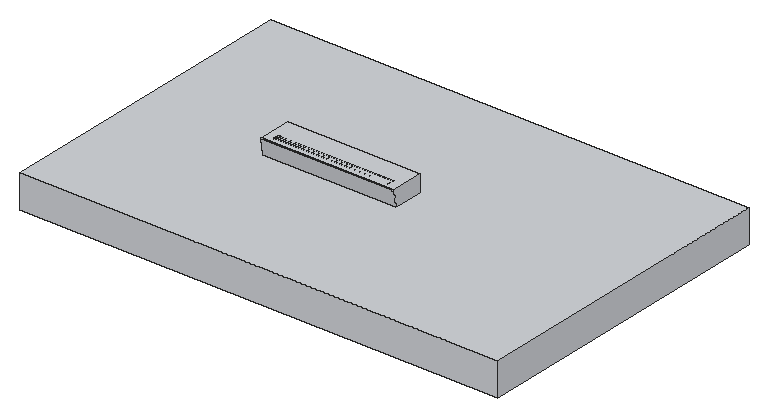
Revit family
Parameters
  Width = 1' - 0"
  URL = "www.coldspringgranite.com"
  TypicalJointSize = 0' - 0 1/4"
  StopCarborundumRight = 0' - 3"
  StopCarborundumLeft = 0' - 3"
  StoneMaterial = none
  SettingSpace = AirGap + Height  # 0' - 7 1/8"
  RightCarborundumVisibilityOn = not(RightCarborundumVisibilityOff)  # no
  RightCarborundumVisibilityOff = StopCarborundumRight > 0' 0"  # yes
  Product Name = "Stair Tread Stone for Cubic Application - Splayed Front Edge with Three Carborundum Strips"
  Product Documentation Link = "http://www.coldspringgranite.com/BIM_Families/Family_Detail/Stair_Tread_Stone_for_Cubic_Application_–_Splayed_Front_Edge_with_Three_Carborundum_Strips/"
  PhoneNumber = "800-551-7502"
  Notes = ""
  NosingRadius = 0' - 0 1/4"
  Model = "N/A"
  Manufacturer = "Cold Spring Granite Company"
  Low Emitting Material = yes
  Low Emitting Finish = yes
  Location = "17482 Granite West Road, Cold Spring, MN 56320-4578"
  Length = 4' - 0"
  LeftCarborundumVisibilityOff = StopCarborundumLeft > 0' 0"  # yes
  LEED Credit = ""
  Keynote = "096340"
  JointRightOff = no
  JointRight = if(JointRightOff, 0' 0", TypicalJointSize / 2)  # 0' - 0 1/8"
  JointLeftOff = no
  JointLeft = if(JointLeftOff, 0' 0", TypicalJointSize / 2)  # 0' - 0 1/8"
  Height = 0' - 6 1/8"
  HeadSize = 0' - 6"
  Description = "Stone Stair Tread Cubic Splayed Triple Carborundum"
  Default Elevation = 0' - 0"
  CarborundumWidth = 0' - 0 3/8"
  LeftCarborundumVisibilityOn = not(LeftCarborundumVisibilityOff)  # no
  CarborundumSpacing = 0' - 0 1/2"
  CarborundumSetBack = 0' - 2"
  CarborundumDepth = 0' - 0 1/4"
  BackJointWidth = 0' - 3"
  Assembly Code = "C2010100"
  AngledHeadDepth = 0' - 1"
  AirGap = 0' - 1"
  ADA Compliant = yes
Reference planes (in)
  plane 1 "Center (Front/Back)": y = 0
  plane 2: z = 0
  plane 3 "Center (Left/Right)": x = 0
  plane 4 "StoneLeft": x = 0.125
  plane 5 "StoneRight": x = 47.875
  plane 6 "Right": x = 48
  plane 7 "CarborundumLeft": x = 3.125
  plane 8 "CarborundumRight": x = 44.875
  plane 9 "StoneBack": y = 12
  plane 10 "StoneFace": z = 7.125
  plane 11 "CarborundumBottom": z = 6.875
  plane 12 "HeadBottom": z = 1.125
  plane 13 "StoneBottom": z = 1
  plane 14 "FirstCarborundumFront": y = 2
  plane 15 "FirstCarborundumBack": y = 2.375
  plane 16 "BackJoint": y = 3
  plane 17 "AngleHead": y = 1
  plane 18 "NosingRadiusBottom": z = 6.875
  plane 19 "SecondCarborundumFront": y = 2.875
  plane 20 "SecondCarborundumBack": y = 3.25
  plane 21 "ThirdCarborundumFront": y = 3.75
  plane 22 "ThirdCarborundumBack": y = 4.125
Forms (in)
  Extrusion 1, solid
    sketch origin (0, 0, 0) x (1, 0, 0) y (0, 1, 0)
      loop
        line (-48, 64.5) -> (-48, -48) -> (124.0595, -48) -> (124.0595, 64.5) -> (-48, 64.5)
    from 0 to -12
  Extrusion 2, solid, material <- "StoneMaterial", detail levels medium+fine
    sketch origin (0, 0, 0) x (0, 1, 0) y (0, 0, 1)
      loop
        line (12, 1) -> (12, 7.125) -> (0.29512, 7.125)
        arc (0.29512, 7.125) -> (0.10436, 7.03659) -> (0.04852, 6.8339) r 0.25
        line (0.04852, 6.8339) -> (1.02083, 1) -> (12, 1)
    from 0.125 to 47.875
  Extrusion 3, void
    sketch origin (0, 0, 0) x (0, 1, 0) y (0, 0, 1)
      loop
        line (2.375, 7.125) -> (2, 7.125) -> (2, 6.875) -> (2.375, 6.875) -> (2.375, 7.125)
      loop
        line (3.25, 7.125) -> (2.875, 7.125) -> (2.875, 6.875) -> (3.25, 6.875) -> (3.25, 7.125)
      loop
        line (4.125, 7.125) -> (3.75, 7.125) -> (3.75, 6.875) -> (4.125, 6.875) -> (4.125, 7.125)
    from 3.125 to 44.875
  Extrusion 4, void
    sketch origin (0, 0, 0) x (0, 1, 0) y (0, 0, 1)
      loop
        line (3, 1.125) -> (1, 1.125) -> (1, 1) -> (3, 1) -> (3, 1.125)
    from 0.125 to 47.875
  Extrusion 5, solid, material <- "StoneMaterial", detail levels coarse
    sketch origin (0, 0, 0) x (0, 1, 0) y (0, 0, 1)
      loop
        line (12, 1) -> (12, 7.125) -> (0, 7.125) -> (1.02083, 1) -> (12, 1)
    from 0 to 48
Cuts and joins
  Extrusion 3, Extrusion 4 cuts Extrusion 2
Lines and regions (in)
  Masking region 1, detail levels coarse
    outline origin (0, 0, 0) x (1, 0, 0) y (0, 1, 0)
      loop
        line (0, 12) -> (0, 0) -> (48, 0) -> (48, 12) -> (0, 12)
  Masking region 2, detail levels medium+fine
    outline origin (0, 0, 0) x (1, 0, 0) y (0, 1, 0)
      loop
        line (0.125, 12) -> (0.125, 0) -> (47.875, 0) -> (47.875, 12) -> (0.125, 12)
  Masking region 3, detail levels coarse
    outline origin (0, 0, 0) x (1, 0, 0) y (0, 0, 1)
      loop
        line (0, 7.125) -> (0, 1) -> (48, 1) -> (48, 7.125) -> (0, 7.125)
  Masking region 4, detail levels medium+fine
    outline origin (0, 0, 0) x (1, 0, 0) y (0, 0, 1)
      loop
        line (0.125, 7.125) -> (0.125, 1.125) -> (47.875, 1.125) -> (47.875, 7.125) -> (0.125, 7.125)
  Masking region 5, detail levels fine
    outline origin (0, 0, 0) x (0, 1, 0) y (0, 0, 1)
      loop
        line (12, 7.125) -> (4.125, 7.125) -> (4.125, 6.875) -> (3.75, 6.875) -> (3.75, 7.125) -> (3.25, 7.125) -> (3.25, 6.875) -> (2.875, 6.875) -> (2.875, 7.125) -> (2.375, 7.125) -> (2.375, 6.875) -> (2, 6.875) -> (2, 7.125) -> (0.29512, 7.125) -> (0, 7.125) -> (0.04852, 6.8339) -> (1, 1.125) -> (3, 1.125) -> (3, 1) -> (12, 1) -> (12, 7.125)
  Masking region 6, visible <- "LeftCarborundumVisibilityOn", detail levels medium
    outline origin (0, 0, 0) x (0, 1, 0) y (0, 0, 1)
      loop
        line (12, 1) -> (12, 7.125) -> (4.125, 7.125) -> (4.125, 6.875) -> (3.75, 6.875) -> (3.75, 7.125) -> (3.25, 7.125) -> (3.25, 6.875) -> (2.875, 6.875) -> (2.875, 7.125) -> (2.375, 7.125) -> (2.375, 6.875) -> (2, 6.875) -> (2, 7.125) -> (0.29512, 7.125) -> (0, 7.125) -> (0.04852, 6.8339) -> (1, 1.125) -> (3, 1.125) -> (3, 1) -> (12, 1)
  Masking region 7, visible <- "LeftCarborundumVisibilityOff", detail levels medium
    outline origin (0, 0, 0) x (0, 1, 0) y (0, 0, 1)
      loop
        line (12, 1) -> (12, 7.125) -> (0.29512, 7.125) -> (0, 7.125) -> (0.04852, 6.8339) -> (1, 1.125) -> (3, 1.125) -> (3, 1) -> (12, 1)
  Masking region 8, detail levels coarse
    outline origin (0, 0, 0) x (0, 1, 0) y (0, 0, 1)
      loop
        line (12, 1) -> (12, 7.125) -> (0, 7.125) -> (1.02083, 1) -> (12, 1)
  Masking region 9, visible <- "RightCarborundumVisibilityOn", detail levels medium
    outline origin (48, 0, 0) x (0, 1, 0) y (0, 0, 1)
      loop
        line (0.04852, 6.8339) -> (1, 1.125) -> (3, 1.125) -> (3, 1) -> (12, 1) -> (12, 7.125) -> (4.125, 7.125) -> (4.125, 6.875) -> (3.75, 6.875) -> (3.75, 7.125) -> (3.25, 7.125) -> (3.25, 6.875) -> (2.875, 6.875) -> (2.875, 7.125) -> (2.375, 7.125) -> (2.375, 6.875) -> (2, 6.875) -> (2, 7.125) -> (0.29512, 7.125) -> (0, 7.125) -> (0.04852, 6.8339)
  Masking region 10, visible <- "RightCarborundumVisibilityOff", detail levels medium
    outline origin (48, 0, 0) x (0, 1, 0) y (0, 0, 1)
      loop
        line (0.29512, 7.125) -> (0, 7.125) -> (0.04852, 6.8339) -> (1, 1.125) -> (3, 1.125) -> (3, 1) -> (12, 1) -> (12, 7.125) -> (0.29512, 7.125)
  symbolic lines, detail levels medium+fine
    curve 1: line (3.125, 2.375, 0) -> (44.875, 2.375, 0)
    curve 2: line (44.875, 2, 0) -> (3.125, 2, 0)
    curve 3: line (44.875, 2.375, 0) -> (44.875, 2, 0)
    curve 8: line (3.125, 2.375, 0) -> (3.125, 2, 0)
    curve 9: arc (0, 0.29512, 7.125) -> (0, 0.10436, 7.03659) -> (0, 0.04852, 6.8339) r 0.25
    curve 10: line (44.875, 4.125, 0) -> (3.125, 4.125, 0)
    curve 11: line (44.875, 3.75, 0) -> (3.125, 3.75, 0)
    curve 12: line (44.875, 3.25, 0) -> (3.125, 3.25, 0)
    curve 13: line (44.875, 2.875, 0) -> (3.125, 2.875, 0)
    curve 14: line (3.125, 4.125, 0) -> (3.125, 3.75, 0)
    curve 15: line (3.125, 3.25, 0) -> (3.125, 2.875, 0)
    curve 16: line (44.875, 4.125, 0) -> (44.875, 3.75, 0)
    curve 17: line (44.875, 3.25, 0) -> (44.875, 2.875, 0)
  reference lines
    curve 4: line (0, 0, 7.125) -> (0, 1, 1.125)
    curve 5: line (0, 1.97306, -3.19269) -> (0, 0.77201, 4.01361)
    curve 6: line (0, 0.29512, 6.875) -> (0, 0.29512, 10.625)
    curve 7: line (0, 0.29512, 6.875) -> (0, -2.66407, 6.3818)
Dimensions and locks (in)
  "Length": plane 3 "Center (Left/Right)" to plane 6 "Right"
  "JointLeft": plane 3 "Center (Left/Right)" to plane 4 "StoneLeft"
  "JointRight": plane 5 "StoneRight" to plane 6 "Right"
  "Width": plane 1 "Center (Front/Back)" to plane 9 "StoneBack"
  "StopCarborundumLeft": plane 7 "CarborundumLeft" to plane 4 "StoneLeft"
  "StopCarborundumRight": plane 5 "StoneRight" to plane 8 "CarborundumRight"
  "Height": plane 10 "StoneFace" to plane 13 "StoneBottom"
  "SettingSpace": plane 10 "StoneFace" to plane 2
  "CarborundumDepth": plane 10 "StoneFace" to plane 11 "CarborundumBottom"
  "CarborundumSetBack": plane 14 "FirstCarborundumFront" to plane 1 "Center (Front/Back)"
  "CarborundumWidth": plane 15 "FirstCarborundumBack" to plane 14 "FirstCarborundumFront"
  "HeadSize": plane 10 "StoneFace" to plane 12 "HeadBottom"
  "BackJointWidth": plane 16 "BackJoint" to plane 1 "Center (Front/Back)"
  "AngledHeadDepth": plane 17 "AngleHead" to plane 1 "Center (Front/Back)"
  "NosingRadius": plane 10 "StoneFace" to plane 18 "NosingRadiusBottom"
  "NosingRadius": curve 4 to curve 5
  "CarborundumSpacing": plane 19 "SecondCarborundumFront" to plane 15 "FirstCarborundumBack"
  "CarborundumWidth": plane 20 "SecondCarborundumBack" to plane 19 "SecondCarborundumFront"
  "CarborundumSpacing": plane 21 "ThirdCarborundumFront" to plane 20 "SecondCarborundumBack"
  "CarborundumWidth": plane 22 "ThirdCarborundumBack" to plane 21 "ThirdCarborundumFront"
  "NosingRadius": radius of Extrusion 2 sketch curve
  angle plane 18 "NosingRadiusBottom" to curve 6 = 90.00°
  angle curve 5 to curve 7 = 90.00°
  aligned and locked: Extrusion 1 to plane 2
  aligned and locked: level to Extrusion 1
  aligned and locked: curve 1 to plane 15 "FirstCarborundumBack"
  aligned and locked: curve 3 to plane 8 "CarborundumRight"
  aligned and locked: plane 1 "Center (Front/Back)" to curve 4
  aligned and locked: plane 10 "StoneFace" to curve 4
  aligned and locked: plane 12 "HeadBottom" to curve 4
  aligned and locked: plane 17 "AngleHead" to curve 4
  aligned and locked: plane 9 "StoneBack" to Extrusion 2 sketch curve
  aligned and locked: plane 13 "StoneBottom" to Extrusion 2 sketch curve
  aligned and locked: plane 10 "StoneFace" to Extrusion 2 sketch curve  (x2)
  aligned and locked: curve 6 to Extrusion 2 sketch curve
  aligned and locked: curve 7 to Extrusion 2 sketch curve
  aligned and locked: curve 4 to Extrusion 2 sketch curve
  aligned and locked: plane 5 "StoneRight" to Extrusion 2
  aligned and locked: Extrusion 2 to plane 4 "StoneLeft"
  aligned and locked: Extrusion 3 sketch curve to plane 10 "StoneFace"  (x3)
  aligned and locked: Extrusion 3 sketch curve to plane 15 "FirstCarborundumBack"
  aligned and locked: plane 11 "CarborundumBottom" to Extrusion 3 sketch curve  (x3)
  aligned and locked: plane 14 "FirstCarborundumFront" to Extrusion 3 sketch curve
  aligned: plane 5 "StoneRight" to Extrusion 3
  aligned: Extrusion 3 to plane 4 "StoneLeft"
  aligned and locked: Extrusion 4 sketch curve to plane 12 "HeadBottom"
  aligned and locked: plane 16 "BackJoint" to Extrusion 4 sketch curve
  aligned and locked: plane 13 "StoneBottom" to Extrusion 4 sketch curve
  aligned and locked: Extrusion 4 sketch curve to plane 17 "AngleHead"
  aligned and locked: Extrusion 4 to plane 4 "StoneLeft"
  aligned and locked: plane 5 "StoneRight" to Extrusion 4
  aligned and locked: plane 8 "CarborundumRight" to Extrusion 3
  aligned and locked: Extrusion 3 to plane 7 "CarborundumLeft"
  aligned and locked: plane 9 "StoneBack" to Extrusion 5 sketch curve
  aligned and locked: plane 10 "StoneFace" to Extrusion 5 sketch curve
  aligned and locked: plane 13 "StoneBottom" to Extrusion 5 sketch curve
  aligned and locked: Extrusion 5 sketch curve to cut or joined group of Extrusion 2, Extrusion 3, Extrusion 4
  aligned and locked: plane 6 "Right" to Extrusion 5
  aligned and locked: Extrusion 5 to plane 3 "Center (Left/Right)"
  aligned and locked: Masking region 1 sketch curve to plane 9 "StoneBack"
  aligned and locked: plane 3 "Center (Left/Right)" to Masking region 1 sketch curve
  aligned and locked: Masking region 1 sketch curve to plane 6 "Right"
  aligned and locked: Masking region 1 sketch curve to plane 1 "Center (Front/Back)"
  aligned and locked: Masking region 2 sketch curve to plane 9 "StoneBack"
  aligned and locked: plane 4 "StoneLeft" to Masking region 2 sketch curve
  aligned and locked: Masking region 2 sketch curve to plane 5 "StoneRight"
  aligned and locked: Masking region 2 sketch curve to plane 1 "Center (Front/Back)"
  aligned and locked: cut or joined group of Extrusion 2, Extrusion 3, Extrusion 4 to curve 8
  aligned and locked: Masking region 3 sketch curve to plane 10 "StoneFace"
  aligned and locked: plane 3 "Center (Left/Right)" to Masking region 3 sketch curve
  aligned and locked: plane 13 "StoneBottom" to Masking region 3 sketch curve
  aligned and locked: Masking region 3 sketch curve to plane 6 "Right"
  aligned and locked: Masking region 4 sketch curve to plane 10 "StoneFace"
  aligned and locked: plane 4 "StoneLeft" to Masking region 4 sketch curve
  aligned and locked: Masking region 4 sketch curve to plane 5 "StoneRight"
  aligned and locked: plane 12 "HeadBottom" to Masking region 4 sketch curve
  aligned and locked: plane 10 "StoneFace" to Masking region 5 sketch curve
  aligned and locked: plane 9 "StoneBack" to Masking region 5 sketch curve
  aligned and locked: plane 13 "StoneBottom" to Masking region 5 sketch curve
  aligned and locked: plane 12 "HeadBottom" to Masking region 5 sketch curve
  aligned and locked: plane 16 "BackJoint" to Masking region 5 sketch curve
  aligned and locked: plane 15 "FirstCarborundumBack" to Masking region 5 sketch curve
  aligned and locked: plane 14 "FirstCarborundumFront" to Masking region 5 sketch curve
  aligned and locked: curve 4 to Masking region 5 sketch curve
  aligned and locked: plane 11 "CarborundumBottom" to Masking region 5 sketch curve  (x2)
  aligned and locked: curve 6 to Masking region 5 sketch curve
  aligned and locked: curve 7 to Masking region 5 sketch curve
  aligned and locked: curve 9 to cut or joined group of Extrusion 2, Extrusion 3, Extrusion 4
  aligned and locked: curve 7 to curve 9
  aligned and locked: plane 9 "StoneBack" to Masking region 6 sketch curve
  aligned and locked: plane 10 "StoneFace" to Masking region 6 sketch curve
  aligned and locked: plane 11 "CarborundumBottom" to Masking region 6 sketch curve  (x2)
  aligned and locked: plane 12 "HeadBottom" to Masking region 6 sketch curve
  aligned and locked: plane 13 "StoneBottom" to Masking region 6 sketch curve
  aligned and locked: plane 16 "BackJoint" to Masking region 6 sketch curve
  aligned and locked: plane 15 "FirstCarborundumBack" to Masking region 6 sketch curve
  aligned and locked: plane 14 "FirstCarborundumFront" to Masking region 6 sketch curve
  aligned and locked: curve 4 to Masking region 6 sketch curve
  aligned and locked: curve 6 to Masking region 6 sketch curve
  aligned and locked: curve 7 to Masking region 6 sketch curve
  aligned and locked: plane 9 "StoneBack" to Masking region 7 sketch curve
  aligned and locked: plane 13 "StoneBottom" to Masking region 7 sketch curve
  aligned and locked: plane 12 "HeadBottom" to Masking region 7 sketch curve
  aligned and locked: plane 16 "BackJoint" to Masking region 7 sketch curve
  aligned and locked: curve 4 to Masking region 7 sketch curve
  aligned and locked: curve 6 to Masking region 7 sketch curve
  aligned and locked: curve 7 to Masking region 7 sketch curve
  aligned and locked: plane 9 "StoneBack" to Masking region 8 sketch curve
  aligned and locked: plane 10 "StoneFace" to Masking region 8 sketch curve
  aligned and locked: plane 13 "StoneBottom" to Masking region 8 sketch curve
  aligned and locked: Masking region 8 sketch curve to curve 4
  aligned and locked: curve 4 to Masking region 9 sketch curve
  aligned and locked: Masking region 9 sketch curve to plane 12 "HeadBottom"
  aligned and locked: Masking region 9 sketch curve to plane 13 "StoneBottom"
  aligned and locked: Masking region 9 sketch curve to plane 14 "FirstCarborundumFront"
  aligned and locked: Masking region 9 sketch curve to plane 15 "FirstCarborundumBack"
  aligned and locked: Masking region 9 sketch curve to plane 16 "BackJoint"
  aligned and locked: Masking region 9 sketch curve to plane 11 "CarborundumBottom"
  aligned and locked: Masking region 9 sketch curve to plane 10 "StoneFace"
  aligned and locked: Masking region 9 sketch curve to plane 9 "StoneBack"
  aligned and locked: curve 6 to Masking region 9 sketch curve
  aligned and locked: curve 7 to Masking region 9 sketch curve
  aligned and locked: Masking region 10 sketch curve to plane 10 "StoneFace"
  aligned and locked: curve 4 to Masking region 10 sketch curve
  aligned and locked: Masking region 10 sketch curve to plane 12 "HeadBottom"
  aligned and locked: Masking region 10 sketch curve to plane 13 "StoneBottom"
  aligned and locked: Masking region 10 sketch curve to plane 9 "StoneBack"
  aligned and locked: curve 7 to Masking region 10 sketch curve
  aligned and locked: curve 6 to Masking region 10 sketch curve
  aligned and locked: plane 22 "ThirdCarborundumBack" to Extrusion 3 sketch curve
  aligned and locked: Extrusion 3 sketch curve to plane 21 "ThirdCarborundumFront"
  aligned and locked: plane 20 "SecondCarborundumBack" to Extrusion 3 sketch curve
  aligned and locked: Extrusion 3 sketch curve to plane 19 "SecondCarborundumFront"
  aligned and locked: plane 19 "SecondCarborundumFront" to Masking region 5 sketch curve
  aligned and locked: plane 20 "SecondCarborundumBack" to Masking region 5 sketch curve
  aligned and locked: plane 21 "ThirdCarborundumFront" to Masking region 5 sketch curve
  aligned and locked: plane 22 "ThirdCarborundumBack" to Masking region 5 sketch curve
  aligned and locked: plane 22 "ThirdCarborundumBack" to Masking region 9 sketch curve
  aligned and locked: plane 21 "ThirdCarborundumFront" to Masking region 9 sketch curve
  aligned and locked: plane 20 "SecondCarborundumBack" to Masking region 9 sketch curve
  aligned and locked: plane 19 "SecondCarborundumFront" to Masking region 9 sketch curve
  aligned and locked: plane 11 "CarborundumBottom" to Masking region 9 sketch curve
  aligned and locked: plane 22 "ThirdCarborundumBack" to Masking region 6 sketch curve
  aligned and locked: plane 21 "ThirdCarborundumFront" to Masking region 6 sketch curve
  aligned and locked: plane 20 "SecondCarborundumBack" to Masking region 6 sketch curve
  aligned and locked: plane 19 "SecondCarborundumFront" to Masking region 6 sketch curve
  aligned and locked: plane 7 "CarborundumLeft" to curve 2
  aligned and locked: plane 7 "CarborundumLeft" to curve 1
  aligned and locked: plane 8 "CarborundumRight" to curve 2
  aligned and locked: plane 14 "FirstCarborundumFront" to curve 3
  aligned and locked: plane 15 "FirstCarborundumBack" to curve 3
  aligned and locked: plane 14 "FirstCarborundumFront" to curve 8
  aligned and locked: plane 7 "CarborundumLeft" to curve 11
  aligned and locked: plane 8 "CarborundumRight" to curve 10
  aligned and locked: plane 8 "CarborundumRight" to curve 11
  aligned and locked: plane 22 "ThirdCarborundumBack" to curve 16
  aligned and locked: plane 21 "ThirdCarborundumFront" to curve 16
  aligned and locked: plane 20 "SecondCarborundumBack" to curve 17
  aligned and locked: plane 19 "SecondCarborundumFront" to curve 17
  aligned and locked: plane 22 "ThirdCarborundumBack" to curve 14
  aligned and locked: plane 20 "SecondCarborundumBack" to curve 15
  aligned and locked: plane 19 "SecondCarborundumFront" to curve 15
  aligned and locked: plane 7 "CarborundumLeft" to cut or joined group of Extrusion 2, Extrusion 3, Extrusion 4
  aligned and locked: plane 7 "CarborundumLeft" to curve 10
  aligned and locked: plane 21 "ThirdCarborundumFront" to curve 14
  aligned and locked: plane 8 "CarborundumRight" to curve 12
  aligned and locked: plane 8 "CarborundumRight" to curve 13
  aligned and locked: plane 7 "CarborundumLeft" to curve 12
  aligned and locked: Masking region 6 to plane 18 "NosingRadiusBottom"
  aligned and locked: plane 18 "NosingRadiusBottom" to Masking region 9
  aligned and locked: plane 7 "CarborundumLeft" to curve 13
  aligned and locked: Masking region 5 to plane 18 "NosingRadiusBottom"
Automatic sketch dimensions
  Extrusion 1 sketch curve to Extrusion 1 sketch curve = 14' - 4.0595"
  Extrusion 1 sketch curve to Extrusion 1 sketch curve = 9' - 4 1/2"
  curve 6 to plane 18 "NosingRadiusBottom" = 0' - 0"
  curve 7 to curve 6 = 0' - 0"
  curve 5 to plane 14 "FirstCarborundumFront" = 0' - 0.02694"
  Masking region 5 sketch curve to plane 1 "Center (Front/Back)" = 0' - 0"
  Masking region 5 sketch curve to plane 10 "StoneFace" = 0' - 0"  (x2)
  Masking region 6 sketch curve to plane 1 "Center (Front/Back)" = 0' - 0"
  Masking region 6 sketch curve to plane 10 "StoneFace" = 0' - 0"
  Masking region 7 sketch curve to plane 1 "Center (Front/Back)" = 0' - 0"
  Masking region 7 sketch curve to plane 10 "StoneFace" = 0' - 0"
  Masking region 9 sketch curve to plane 1 "Center (Front/Back)" = 0' - 0"
  Masking region 10 sketch curve to plane 1 "Center (Front/Back)" = 0' - 0"
  Masking region 10 sketch curve to plane 16 "BackJoint" = 0' - 0"
  plane 10 "StoneFace" to Masking region 5 sketch curve = 0' - 0"
  Masking region 5 sketch curve to plane 11 "CarborundumBottom" = 0' - 0"
  Masking region 9 sketch curve to Masking region 9 sketch curve = 0' - 0"  (x3)
  Masking region 9 sketch curve to plane 10 "StoneFace" = 0' - 0"
  Masking region 6 sketch curve to Masking region 6 sketch curve = 0' - 0"  (x3)
Nested families (in)
  nested 1: "CopyRight" at (0, 0, 0), type "CopyRight"
Definition of nested family "CopyRight"
  Parameters (values of type "CopyRight")
    CopyRight = "Cold Spring Granite Company"
  Reference planes (in)
    plane 1: z = 0
